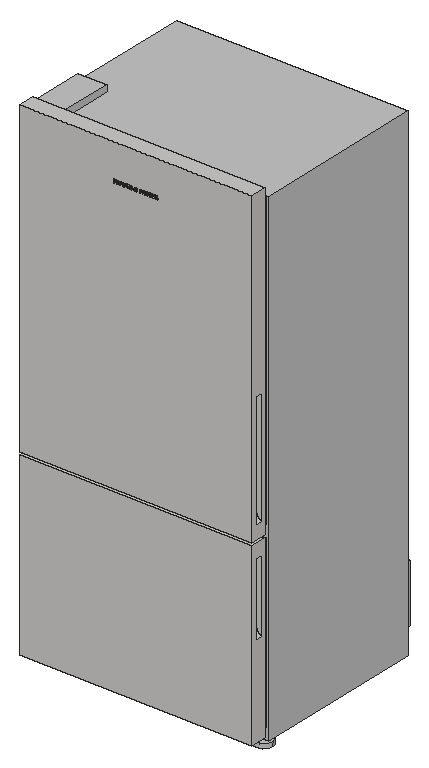
Revit family "FP_Revit_18_RF522BLPX6_Fridge_90001137A", category Specialty Equipment, Revit 2018
Family settings
  Round Connector Dimension = Use Diameter
  Part Type = Normal
  OmniClass Number = 23.40.40.11.11.17
  OmniClass Title = Refrigerator-Freezer
  Work Plane-Based = No
  Always vertical = Yes
  Cut with Voids When Loaded = Yes
  Shared = No
  Room Calculation Point = No
Parameters
  Visibility - Clearance Required = yes
  URL = "www.fisherpaykel.com"
  Product - Width = 790 mm  # constant formula
  Product - Height = 1720 mm  # constant formula
  Product - Depth = 695 mm  # constant formula
  Model = "RF522BLPX6"
  Material - Door Structure = Fisher & Paykel - White
  Material - Door Front = Fisher & Paykel - Stainless Steel
  Material - Body = Fisher & Paykel - Grey
  Manufacturer = "Fisher & Paykel Appliances"
  Description = "79cm Freestanding Refrigerator with Bottom Freezer (Stainless)"
  Connector Description - Water = "No water connection required"
  Connector Description - Electrical = "230 V, 10 A, fused electrical supply"
  Chassis - Width = 790 mm  # constant formula
  Chassis - Height = 1662 mm  # constant formula
  Chassis - Depth = 625 mm  # constant formula
  Cavity - Width = 830 mm  # constant formula
  Cavity - Height = 1735 mm  # constant formula
  Cavity - Depth = 625 mm  # constant formula
Reference planes
  plane 1 "Datum": y = 0
  plane 2: z = 0
  plane 3 "Center (Left/Right)": x = 0
  plane 4 "Product LHS": x = -395
  plane 5 "Product RHS": x = 395
  plane 6 "Product - Depth": y = 625
  plane 7 "Cavity LHS": x = -415
  plane 8 "Cavity RHS": x = 415
  plane 9 "Cavity - Depth": y = 625
  plane 10 "Product Height": z = 1720
  plane 11 "Cavity Height": z = 1735
  plane 12 "Door Panel Front": y = -70
Forms (mm)
  Extrusion 1, solid, material "Fisher & Paykel - Grey" <- "Material - Body"
    sketch origin (0, 0, 0) x (0, 1, 0) y (0, 0, 1)
      loop
        line (0, 24) -> (595, 24) -> (595, 1686) -> (0, 1686) -> (0, 24)
    from -395 to 395
  Extrusion 2, solid, material "Fisher & Paykel - Grey" <- "Material - Body"
    sketch origin (0, 0, 0) x (1, 0, 0) y (0, 1, 0)
      loop
        circle (-365, 18.6) r 4.9
      loop
        circle (365, 18.6) r 4.9
    from 14 to 24
  Extrusion 3, solid, material "Fisher & Paykel - Grey" <- "Material - Body"
    sketch origin (0, 0, 0) x (1, 0, 0) y (0, 1, 0)
      loop
        circle (-365, 18.6) r 30
      loop
        circle (365, 18.6) r 30
    from 0 to 14
  Extrusion 4, solid, material "Fisher & Paykel - Grey" <- "Material - Body"
    sketch origin (0, 0, 0) x (1, 0, 0) y (0, 0, 1)
      loop
        circle (355.042, 69) r 5
      loop
        circle (305.042, 69) r 5
    from -615 to -595
  Extrusion 5, solid, material "Fisher & Paykel - White" <- "Material - Door Structure"
    sketch origin (0, 0, 0) x (1, 0, 0) y (0, 1, 0)
      loop
        line (-387, 0) -> (-387, -15) -> (387, -15) -> (387, 0) -> (-387, 0)
    from 682 to 1680
  Extrusion 6, solid, material "Fisher & Paykel - Stainless Steel" <- "Material - Door Front"
    sketch origin (0, 0, 0) x (1, 0, 0) y (0, 1, 0)
      loop
        line (-395, -15) -> (-395, -70) -> (395, -70) -> (395, -15) -> (-395, -15)
    from 660 to 1720
  Extrusion 7, solid, material "Fisher & Paykel - Grey" <- "Material - Body", detail levels fine
    sketch origin (0, 0, -4) x (0, 1, 0) y (0, 0, 1)
      loop
        arc (62.091, 28) -> (87.5, 4) -> (112.909, 28) r 25.45
        line (112.909, 28) -> (62.091, 28)
      loop
        arc (503.639, 28) -> (529.047, 4) -> (554.456, 28) r 25.45
        line (554.456, 28) -> (503.639, 28)
    from 325.45 to 342.5
  Extrusion 8, solid, material "Fisher & Paykel - Clearance Required", visible <- "Visibility - Clearance Required", detail levels coarse
    sketch origin (0, 0, 0) x (1, 0, 0) y (0, 1, 0)
      loop
        line (-415, 625) -> (-415, 0) -> (-530, 0) -> (-530, -70) -> (415, -70) -> (415, 625) -> (-415, 625)
    from 0 to 1735
  Extrusion 9, void
    sketch origin (0, 0, 0) x (1, 0, 0) y (0, 1, 0)
      loop
        line (-415, 625) -> (-415, 0) -> (-530, 0) -> (-530, -70) -> (415, -70) -> (415, 625) -> (-415, 625)
    from 0 to 1735
  Extrusion 10, solid, material "Fisher & Paykel - Stainless Steel" <- "Material - Door Front"
    sketch origin (0, 0, 0) x (1, 0, 0) y (0, 1, 0)
      loop
        line (-395, -15) -> (-395, -70) -> (395, -70) -> (395, -15) -> (-395, -15)
    from 40 to 650
  Extrusion 11, solid, material "Fisher & Paykel - White" <- "Material - Door Structure"
    sketch origin (0, 0, 0) x (1, 0, 0) y (0, 1, 0)
      loop
        line (-387, 0) -> (-387, -15) -> (387, -15) -> (387, 0) -> (-387, 0)
    from 62 to 642
  Extrusion 12, solid, material "Fisher & Paykel - Grey" <- "Material - Body"
    sketch origin (229.237, 0, 0) x (0, 1, 0) y (0, 0, 1)
      loop
        line (595, 324) -> (595, 94) -> (625, 94) -> (625, 294) -> (595, 324)
    from -604.237 to 145.763
  Extrusion 13, solid, material "Fisher & Paykel - Grey" <- "Material - Body"
    sketch origin (0, 0, 0) x (0, 1, 0) y (0, 0, 1)
      loop
        line (595, 94) -> (595, 24) -> (625, 24) -> (625, 94) -> (595, 94)
    from -375 to 280
  Extrusion 14, solid, material "Fisher & Paykel - Grey" <- "Material - Body", detail levels fine
    sketch origin (0, 0, -4) x (0, 1, 0) y (0, 0, -1)
      loop
        line (62.091, -28) -> (112.909, -28)
        arc (112.909, -28) -> (87.5, -4) -> (62.091, -28) r 25.45
      loop
        line (503.639, -28) -> (554.456, -28)
        arc (554.456, -28) -> (529.047, -4) -> (503.639, -28) r 25.45
    from 325.45 to 342.5
  Extrusion 15, solid, material "Fisher & Paykel - Grey" <- "Material - Body"
    sketch origin (0, 0, 0) x (1, 0, 0) y (0, 1, 0)
      loop
        line (-296.4, 174) -> (-393.4, 174) -> (-393.4, -15) -> (-296.4, -15) -> (-296.4, 174)
    from 1686 to 1708
  Extrusion 16, solid, material "Fisher & Paykel - Clearance Required", visible <- "Visibility - Clearance Required", detail levels coarse
    sketch origin (0, 0, 0) x (1, 0, 0) y (0, 1, 0)
      loop
        line (-460.698, -70) -> (-975.827, -531.456)
        arc (-975.827, -531.456) -> (-135.432, -761.124) -> (395, -70) r 781.226
        line (395, -70) -> (-460.698, -70)
    from 0 to 1735
  Extrusion 17, void
    sketch origin (0, 0, 0) x (1, 0, 0) y (0, 0, 1)
      loop
        arc (395, 605.451) -> (376.652, 585.574) -> (370, 559.354) r 55
        line (370, 559.354) -> (370, 401.823)
        arc (370, 401.823) -> (376.652, 375.604) -> (395, 355.726) r 54.999
        line (395, 355.726) -> (395, 605.451)
      loop
        arc (395, 1099.999) -> (376.652, 1080.122) -> (370, 1053.902) r 55
        line (370, 1053.902) -> (370, 752.098)
        arc (370, 752.098) -> (376.652, 725.878) -> (395, 706.001) r 54.999
        line (395, 706.001) -> (395, 1099.999)
    from 29 to 56
Cuts and joins
  joined: Extrusion 12, Extrusion 13
  Extrusion 17 cuts Extrusion 1
  Extrusion 17 cuts Extrusion 5
  Extrusion 17 cuts Extrusion 6
  Extrusion 17 cuts Extrusion 10
  Extrusion 17 cuts Extrusion 11
  Extrusion 17 cuts Extrusion 16
Text (mm)
  text "Due to ongoing product development, product details are subject to change without notice. \nPlease always refer to www.fisherpaykel.com for the most current product information. \n© Fisher & Paykel 2020" at (41.04, -848.295, 0), in view "Ref. Level (Plan)"
Dimensions and locks
  equal spacing: plane 4 "Product LHS", plane 3 "Center (Left/Right)", plane 5 "Product RHS"
  "Product - Width": plane 4 "Product LHS" to plane 5 "Product RHS"
  "Cavity - Depth": plane 1 "Datum" to plane 6 "Product - Depth"
  equal spacing: plane 7 "Cavity LHS", plane 3 "Center (Left/Right)", plane 8 "Cavity RHS"
  "Cavity - Width": plane 7 "Cavity LHS" to plane 8 "Cavity RHS"
  "Chassis - Depth": plane 9 "Cavity - Depth" to plane 1 "Datum"
  Extrusion 4 sketch curve to plane 5 "Product RHS" = 39.958 mm
  Extrusion 3 to level = 14 mm
  "Product - Height": level to plane 10 "Product Height"
  Extrusion 1 sketch curve to plane 10 "Product Height" = 34 mm
  "Cavity - Height": plane 11 "Cavity Height" to level
  "Chassis - Depth": plane 1 "Datum" to plane 9 "Cavity - Depth"
  "Chassis - Depth": plane 1 "Datum" to cut or joined group of Extrusion 12, Extrusion 13
  plane 1 "Datum" to Extrusion 8 = 625 mm
  "Product - Depth": Extrusion 9 to cut or joined group of Extrusion 16, Extrusion 17
  nested 1 to level = 1596 mm
  "Chassis - Height": cut or joined group of Extrusion 1, Extrusion 17 to cut or joined group of Extrusion 1, Extrusion 17
  "Chassis - Width": cut or joined group of Extrusion 1, Extrusion 17 to cut or joined group of Extrusion 1, Extrusion 17
  aligned and locked: level to plane 2
  aligned and locked: Extrusion 1 to plane 5 "Product RHS"
  aligned and locked: plane 4 "Product LHS" to Extrusion 1
  aligned and locked: Extrusion 6 sketch curve to plane 4 "Product LHS"
  aligned and locked: plane 5 "Product RHS" to Extrusion 6 sketch curve
  aligned and locked: Extrusion 1 sketch curve to plane 1 "Datum"
  aligned and locked: Extrusion 13 sketch curve to plane 6 "Product - Depth"
  aligned and locked: Extrusion 4 to Extrusion 1
  aligned and locked: Extrusion 15 to Extrusion 1
  aligned and locked: Extrusion 9 sketch curve to plane 1 "Datum"
  aligned and locked: plane 5 "Product RHS" to Extrusion 17 sketch curve  (x2)
  aligned and locked: Extrusion 8 to Extrusion 9
Automatic sketch dimensions
  Extrusion 1 sketch curve to plane 6 "Product - Depth" = 30 mm
  level to Extrusion 1 sketch curve = 24 mm
  plane 1 "Datum" to Extrusion 5 sketch curve = 0 mm
  Extrusion 5 sketch curve to plane 4 "Product LHS" = 8 mm
  plane 5 "Product RHS" to Extrusion 5 sketch curve = 8 mm
  plane 1 "Datum" to Extrusion 5 sketch curve = 15 mm
  plane 1 "Datum" to Extrusion 6 sketch curve = 70 mm
  plane 1 "Datum" to Extrusion 6 sketch curve = 15 mm
  level to Extrusion 7 sketch curve = 24 mm  (x2)
  Extrusion 7 sketch curve to plane 1 "Datum" = 62.091 mm
  Extrusion 7 sketch curve to Extrusion 7 sketch curve = 25.409 mm  (x2)
  Extrusion 7 sketch curve to plane 6 "Product - Depth" = 121.361 mm
  Extrusion 7 sketch curve to Extrusion 7 sketch curve = 1.45 mm  (x2)
  Extrusion 10 sketch curve to plane 4 "Product LHS" = 0 mm
  Extrusion 10 sketch curve to plane 5 "Product RHS" = 0 mm
  plane 1 "Datum" to Extrusion 10 sketch curve = 70 mm
  plane 1 "Datum" to Extrusion 10 sketch curve = 15 mm
  plane 1 "Datum" to Extrusion 11 sketch curve = 0 mm
  Extrusion 11 sketch curve to plane 4 "Product LHS" = 8 mm
  plane 5 "Product RHS" to Extrusion 11 sketch curve = 8 mm
  plane 1 "Datum" to Extrusion 11 sketch curve = 15 mm
  Extrusion 13 sketch curve to Extrusion 13 sketch curve = 30 mm
  level to Extrusion 13 sketch curve = 24 mm
  Extrusion 13 sketch curve to Extrusion 13 sketch curve = 70 mm
  level to Extrusion 14 sketch curve = 24 mm  (x2)
  Extrusion 14 sketch curve to plane 1 "Datum" = 62.091 mm
  Extrusion 14 sketch curve to Extrusion 14 sketch curve = 25.409 mm  (x2)
  Extrusion 14 sketch curve to plane 6 "Product - Depth" = 121.361 mm
  level to Extrusion 14 sketch curve = 25.45 mm
  Extrusion 14 sketch curve to Extrusion 14 sketch curve = 1.45 mm
  Extrusion 3 sketch curve to plane 4 "Product LHS" = 30 mm
  plane 5 "Product RHS" to Extrusion 3 sketch curve = 30 mm
  Extrusion 3 sketch curve to plane 1 "Datum" = 18.6 mm  (x2)
  Extrusion 2 sketch curve to plane 4 "Product LHS" = 30 mm
  plane 5 "Product RHS" to Extrusion 2 sketch curve = 30 mm
  Extrusion 2 sketch curve to plane 1 "Datum" = 18.6 mm  (x2)
  Extrusion 15 sketch curve to plane 4 "Product LHS" = 1.6 mm
  plane 1 "Datum" to Extrusion 15 sketch curve = 15 mm
  Extrusion 15 sketch curve to Extrusion 15 sketch curve = 97 mm
  Extrusion 15 sketch curve to plane 1 "Datum" = 174 mm
  plane 1 "Datum" to Extrusion 8 sketch curve = 0 mm
  Extrusion 8 sketch curve to plane 7 "Cavity LHS" = 0 mm
  Extrusion 8 sketch curve to plane 9 "Cavity - Depth" = 0 mm
  Extrusion 8 sketch curve to Extrusion 8 sketch curve = 70 mm
  plane 7 "Cavity LHS" to Extrusion 8 sketch curve = 115 mm
  plane 7 "Cavity LHS" to Extrusion 16 sketch curve = 560.827 mm
  plane 7 "Cavity LHS" to Extrusion 16 sketch curve = 45.698 mm
  Extrusion 16 sketch curve to plane 4 "Product LHS" = 10.329 mm
  Extrusion 16 sketch curve to plane 5 "Product RHS" = 0 mm
  plane 1 "Datum" to Extrusion 16 sketch curve = 531.456 mm
  Extrusion 9 sketch curve to plane 7 "Cavity LHS" = 0 mm
  Extrusion 9 sketch curve to plane 9 "Cavity - Depth" = 0 mm
  plane 7 "Cavity LHS" to Extrusion 9 sketch curve = 115 mm
  plane 1 "Datum" to Extrusion 16 sketch curve = 70 mm
  plane 5 "Product RHS" to Extrusion 17 sketch curve = 25 mm  (x2)
  Extrusion 17 sketch curve to plane 8 "Cavity RHS" = 9.999 mm  (x2)
  Extrusion 17 sketch curve to plane 8 "Cavity RHS" = 10 mm  (x2)
  level to Extrusion 17 sketch curve = 706.001 mm
  Extrusion 17 sketch curve to Extrusion 17 sketch curve = 301.804 mm
  Extrusion 17 sketch curve to Extrusion 17 sketch curve = 744.273 mm
  Extrusion 17 sketch curve to Extrusion 17 sketch curve = 157.531 mm
  plane 1 "Datum" to Extrusion 9 sketch curve = 70 mm
  Extrusion 9 sketch curve to plane 8 "Cavity RHS" = 0 mm
  Extrusion 8 sketch curve to plane 8 "Cavity RHS" = 0 mm
  Extrusion 12 sketch curve to plane 6 "Product - Depth" = 30 mm
  Extrusion 12 sketch curve to plane 6 "Product - Depth" = 0 mm
  level to Extrusion 12 sketch curve = 94 mm
  Extrusion 12 sketch curve to Extrusion 12 sketch curve = 200 mm
  Extrusion 12 sketch curve to Extrusion 12 sketch curve = 30 mm
  Extrusion 4 sketch curve to Extrusion 4 sketch curve = 50 mm
  level to Extrusion 4 sketch curve = 69 mm
  Extrusion 4 sketch curve to Extrusion 4 sketch curve = 0 mm
  radius of Extrusion 3 sketch curve = 30 mm  (x2)
  radius of Extrusion 2 sketch curve = 4.9 mm  (x2)
  radius of Extrusion 4 sketch curve = 5 mm  (x2)
Nested families
  nested 1: "F&P Logo 150mm" at (0, -70, 1596), type "F&P Logo 150mm"
Connectors
  electrical at (355.042, 615, 69), driven by "Connector Description - Electrical"
    settings: on Extrusion 4, index 2, voltage 230 V, apparent load 0 VA, apparent load phase1 0 VA, apparent load phase2 0 VA, apparent load phase3 0 VA, power factor 1, load classification "Other", number of poles 1, system type 30, power factor state 1, is connector primary yes, connector utility no, sub classification motor no, connector description "230 V, 10 A, fused electrical supply"
Definition of nested family "F&P Logo 150mm"
  Parameters (values of type "F&P Logo 150mm")
    URL = "www.fisherpaykel.com"
    Material - Logo = none
    Manufacturer = "Fisher & Paykel Appliances"
  Reference planes
    plane 1 "Center (Front/Back)": y = 0
    plane 2: z = 0
    plane 3 "Center (Left/Right)": x = 0
  Forms (mm)
    Extrusion 1, solid, material <- "Material - Logo", detail levels fine
      sketch origin (0, 0, 0) x (1, 0, 0) y (0, 0, 1)
        loop
          line (-74.994, 0) -> (-72.633, 0) -> (-72.633, 3.207) -> (-68.944, 3.207) -> (-68.944, 5.208) -> (-72.633, 5.208) -> (-72.633, 7.068) -> (-68.62, 7.068) -> (-68.62, 9.06) -> (-74.994, 9.06) -> (-74.994, 0)
        loop
          line (-64.134, 9.06) -> (-64.134, 0) -> (-61.773, 0) -> (-61.773, 9.06) -> (-64.134, 9.06)
        loop
          line (-46.015, 9.06) -> (-46.015, 0) -> (-43.654, 0) -> (-43.654, 3.63) -> (-40.187, 3.63) -> (-40.187, 0) -> (-37.826, 0) -> (-37.826, 9.06) -> (-40.187, 9.06) -> (-40.187, 5.622) -> (-43.654, 5.622) -> (-43.654, 9.06) -> (-46.015, 9.06)
        loop
          line (-32.787, 9.06) -> (-32.787, 0) -> (-26.332, 0) -> (-26.332, 1.992) -> (-30.448, 1.992) -> (-30.448, 3.63) -> (-26.686, 3.63) -> (-26.686, 5.622) -> (-30.448, 5.622) -> (-30.448, 7.068) -> (-26.332, 7.068) -> (-26.332, 9.06) -> (-32.787, 9.06)
        loop
          line (68.572, 9.06) -> (68.572, 0) -> (75.006, 0) -> (75.006, 1.992) -> (70.933, 1.992) -> (70.933, 9.06) -> (68.572, 9.06)
        loop
          line (63.719, 9.06) -> (57.241, 9.06) -> (57.241, 0) -> (63.719, 0) -> (63.719, 1.992) -> (59.602, 1.992) -> (59.602, 3.63) -> (63.364, 3.63) -> (63.364, 5.622) -> (59.602, 5.622) -> (59.602, 7.068) -> (63.719, 7.068) -> (63.719, 9.06)
        loop
          line (50.248, 4.722) -> (53.597, 9.06) -> (50.837, 9.06) -> (47.945, 5.313) -> (47.945, 9.06) -> (45.585, 9.06) -> (45.585, 0) -> (47.945, 0) -> (47.945, 4.058) -> (50.926, 0) -> (53.716, 0) -> (50.248, 4.722)
        loop
          line (33.043, 9.06) -> (36.466, 3.63) -> (36.466, 0) -> (38.827, 0) -> (38.827, 3.511) -> (42.25, 9.06) -> (39.742, 9.06) -> (37.721, 5.561) -> (35.701, 9.06) -> (33.043, 9.06)
        loop
          line (27.79, 9.06) -> (25.547, 9.06) -> (21.858, 0) -> (24.175, 0) -> (24.824, 1.668) -> (28.454, 1.668) -> (29.103, 0) -> (31.479, 0) -> (27.79, 9.06)
        loop
          line (27.671, 3.659) -> (26.612, 6.261) -> (25.599, 3.659) -> (27.671, 3.659)
        loop
          line (12.119, 9.06) -> (12.119, 0) -> (14.48, 0) -> (14.48, 2.907) -> (15.971, 2.907)
          arc (15.971, 2.907) -> (19.048, 5.983) -> (15.971, 9.06) r 3.077
          line (15.971, 9.06) -> (12.119, 9.06)
        loop
          line (14.48, 7.068) -> (14.48, 4.796) -> (15.824, 4.796)
          arc (15.824, 4.796) -> (16.96, 5.932) -> (15.824, 7.068) r 1.136
          line (15.824, 7.068) -> (14.48, 7.068)
        loop
          line (-17.602, 9.06) -> (-21.477, 9.06) -> (-21.477, 0) -> (-19.116, 0) -> (-19.116, 2.522) -> (-18.311, 2.522) -> (-16.387, 0) -> (-13.657, 0) -> (-15.969, 2.959)
          arc (-15.969, 2.959) -> (-14.445, 6.636) -> (-17.602, 9.06) r 3.269
        loop
          line (-17.774, 7.068) -> (-19.116, 7.068) -> (-19.116, 4.579) -> (-17.774, 4.579)
          arc (-17.774, 4.579) -> (-16.529, 5.823) -> (-17.774, 7.068) r 1.244
        loop
          line (0.788, 7.068) -> (0.788, 9.229) -> (-5.291, 9.229) -> (-5.291, 7.276) -> (-4.389, 6.167)
          arc (-4.389, 6.167) -> (-5.193, 1.025) -> (0.005, 0.768) r 3.5
          line (0.005, 0.768) -> (0.63, 0) -> (3.308, 0) -> (1.362, 2.391) -> (3.12, 4.924) -> (0.694, 4.924) -> (0.053, 4) -> (-2.443, 7.068) -> (0.788, 7.068)
        loop
          arc (-3.116, 4.603) -> (-3.331, 2.502) -> (-1.23, 2.286) r 1.493
          line (-1.23, 2.286) -> (-3.116, 4.603)
        loop
          line (-52.698, 5.451) -> (-54.701, 5.866)
          arc (-54.701, 5.866) -> (-55.501, 6.665) -> (-54.701, 7.465) r 0.799
          arc (-54.701, 7.465) -> (-52.78, 7.185) -> (-51.017, 6.371) r 6.757
          line (-51.017, 6.371) -> (-51.017, 8.615)
          arc (-51.017, 8.615) -> (-53.252, 9.269) -> (-55.578, 9.164) r 7.089
          arc (-55.578, 9.164) -> (-57.732, 6.502) -> (-55.578, 3.841) r 2.721
          line (-55.578, 3.841) -> (-53.559, 3.423)
          arc (-53.559, 3.423) -> (-52.76, 2.623) -> (-53.559, 1.824) r 0.799
          arc (-53.559, 1.824) -> (-55.481, 2.103) -> (-57.244, 2.917) r 6.757
          line (-57.244, 2.917) -> (-57.244, 0.674)
          arc (-57.244, 0.674) -> (-55.009, 0.02) -> (-52.682, 0.125) r 7.089
          arc (-52.682, 0.125) -> (-50.529, 2.795) -> (-52.698, 5.451) r 2.721
      from 0 to 0.8
  Dimensions and locks
    aligned and locked: level to plane 2
